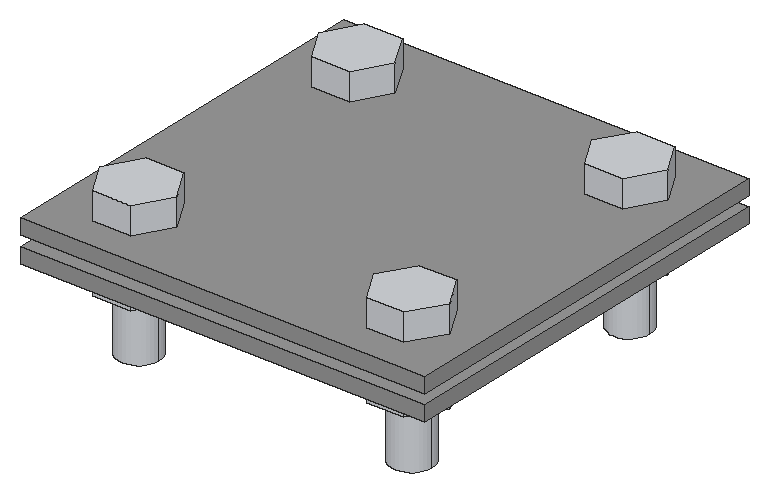
Revit family "DIN-Kreuzverbinder für Flachleiter FT", category Generic Models, Revit 2015
Parameters (values of type "256 A-DIN 40 FT")
  Width 2 = 19.5 mm
  Width 1 = 27 mm
  Width = 80 mm
  URL = "http://www.obo-bettermann.com"
  Material = Steel, Galvanized
  Manufacturer Art.No. = "5314666\r\n\r\n5314666\r\n5314666"
  Manufacturer = "OBO Bettermann"
  Length 2 = 20.5 mm
  Length 1 = 27 mm
  Length = 80 mm
  Height 1 = 2 mm
  Height = 3 mm
  GTIN = "4012195419532"
  Article Type = "256 A-DIN 40 FT\r\n\r\n256 A-DIN 40 FT\r\n256 A-DIN 40 FT"
Types (3, lengths in mm): name | Width 2 | Width 1 | Width | Manufacturer Art.No. | Length 2 | Length 1 | Length | GTIN | Article Type
  (no name) | 19.5 | 27 | 80 | "5314666\r\n\r\n5314666\r\n5314666" | 20.5 | 27 | 80 | "4012195419532" | "256 A-DIN 40 FT\r\n\r\n256 A-DIN 40 FT\r\n256 A-DIN 40 FT"
  256 A-DIN 30 FT | 12.5 | 20 | 60 | "5314658" | 13.5 | 20 | 60 | "4012195419471" | "256 A-DIN 30 FT"
  256 A-DIN 40 FT | 19.5 | 27 | 80 | "5314666\r\n\r\n5314666\r\n5314666" | 20.5 | 27 | 80 | "4012195419532" | "256 A-DIN 40 FT\r\n\r\n256 A-DIN 40 FT\r\n256 A-DIN 40 FT"
Reference planes
  plane 1 "Center (Front/Back)": y = 0
  plane 2: z = 0
  plane 3 "Center (Left/Right)": x = 0
  plane 4: z = 1
  plane 5: z = -1
  plane 6: z = 4
  plane 7: z = -4
  plane 8: z = -21
  plane 9: z = 9.3
  plane 10: z = -9.3
Forms (mm)
  Extrusion 1, solid, material "Steel, Galvanized" <- "Material"
    sketch origin (0, 0, 0) x (1, 0, 0) y (0, 1, 0)
      loop
        line (-40, 40) -> (-40, -40) -> (40, -40) -> (40, 40) -> (-40, 40)
    from 1 to 4
  Extrusion 2, solid, material "Steel, Galvanized" <- "Material"
    sketch origin (0, 0, 0) x (1, 0, 0) y (0, 1, 0)
      loop
        line (-40, 40) -> (-40, -40) -> (40, -40) -> (40, 40) -> (-40, 40)
    from -4 to -1
  Extrusion 3, solid
    sketch origin (0, 0, 0) x (1, 0, 0) y (0, 1, 0)
      loop
        circle (-27, -27) r 4
      loop
        circle (27, -27) r 4
      loop
        circle (27, 27) r 4
      loop
        circle (-27, 27) r 4
    from -21 to 4
  Extrusion 4, solid
    sketch origin (0, 0, 0) x (1, 0, 0) y (0, 1, 0)
      loop
        line (-23.279, 20.5) -> (-19.5, 27.045) -> (-23.279, 33.59) -> (-30.837, 33.59) -> (-34.615, 27.045) -> (-30.837, 20.5) -> (-23.279, 20.5)
    from 4 to 9.3
  Extrusion 5, solid
    sketch origin (0, 0, 0) x (1, 0, 0) y (0, 1, 0)
      loop
        line (30.75, 20.5) -> (34.5, 26.995) -> (30.75, 33.49) -> (23.25, 33.49) -> (19.5, 26.995) -> (23.25, 20.5) -> (30.75, 20.5)
    from 4 to 9.3
  Extrusion 6, solid
    sketch origin (0, 0, 0) x (1, 0, 0) y (0, 1, 0)
      loop
        line (-30.82, -20.5) -> (-34.594, -27.036) -> (-30.82, -33.571) -> (-23.273, -33.571) -> (-19.5, -27.036) -> (-23.273, -20.5) -> (-30.82, -20.5)
    from 4 to 9.3
  Extrusion 7, solid
    sketch origin (0, 0, 0) x (1, 0, 0) y (0, 1, 0)
      loop
        line (23.239, -20.5) -> (19.5, -26.976) -> (23.239, -33.452) -> (30.717, -33.452) -> (34.456, -26.976) -> (30.717, -20.5) -> (23.239, -20.5)
    from 4 to 9.3
  Extrusion 8, solid
    sketch origin (0, 0, 0) x (1, 0, 0) y (0, 1, 0)
      loop
        line (-23.279, 33.59) -> (-30.837, 33.59) -> (-34.615, 27.045) -> (-30.837, 20.5) -> (-23.279, 20.5) -> (-19.5, 27.045) -> (-23.279, 33.59)
      loop
        line (30.75, 33.49) -> (23.25, 33.49) -> (19.5, 26.995) -> (23.25, 20.5) -> (30.75, 20.5) -> (34.5, 26.995) -> (30.75, 33.49)
      loop
        line (30.717, -20.5) -> (23.239, -20.5) -> (19.5, -26.976) -> (23.239, -33.452) -> (30.717, -33.452) -> (34.456, -26.976) -> (30.717, -20.5)
      loop
        line (-23.273, -20.5) -> (-30.82, -20.5) -> (-34.594, -27.036) -> (-30.82, -33.571) -> (-23.273, -33.571) -> (-19.5, -27.036) -> (-23.273, -20.5)
    from -9.3 to -4
Dimensions and locks
  "Width": Extrusion 1 sketch curve to Extrusion 1 sketch curve
  "Length": Extrusion 1 sketch curve to Extrusion 1 sketch curve
  equal spacing: Extrusion 1 sketch curve, plane 3 "Center (Left/Right)", Extrusion 1 sketch curve
  equal spacing: Extrusion 1 sketch curve, plane 1 "Center (Front/Back)", Extrusion 1 sketch curve
  "Height 1": plane 4 to plane 5
  locked: plane 4 to level at 1
  "Height": plane 6 to plane 4
  "Height": plane 5 to plane 7
  plane 3 "Center (Left/Right)" to Extrusion 2 = 40 mm
  "Width 1": plane 3 "Center (Left/Right)" to Extrusion 3 sketch curve  (x2)
  "Length 1": Extrusion 3 sketch curve to plane 1 "Center (Front/Back)"  (x2)
  "Width 1": Extrusion 3 sketch curve to plane 3 "Center (Left/Right)"  (x2)
  "Length 1": plane 1 "Center (Front/Back)" to Extrusion 3 sketch curve  (x2)
  locked: plane 7 to plane 8 at 17
  locked: Extrusion 4 sketch curve to Extrusion 4 sketch curve at 13.09  (x3)
  "Length 2": plane 1 "Center (Front/Back)" to Extrusion 4 sketch curve
  "Width 2": Extrusion 4 sketch curve to plane 3 "Center (Left/Right)"
  locked: Extrusion 5 sketch curve to Extrusion 5 sketch curve at 12.99  (x3)
  "Length 2": plane 1 "Center (Front/Back)" to Extrusion 5 sketch curve
  "Width 2": plane 3 "Center (Left/Right)" to Extrusion 5 sketch curve
  locked: Extrusion 6 sketch curve to Extrusion 6 sketch curve at 13.071  (x3)
  "Length 2": Extrusion 6 sketch curve to plane 1 "Center (Front/Back)"
  "Width 2": Extrusion 6 sketch curve to plane 3 "Center (Left/Right)"
  locked: Extrusion 7 sketch curve to Extrusion 7 sketch curve at 12.952  (x3)
  "Length 2": Extrusion 7 sketch curve to plane 1 "Center (Front/Back)"
  "Width 2": plane 3 "Center (Left/Right)" to Extrusion 7 sketch curve
  locked: plane 9 to plane 6 at 5.3
  locked: plane 7 to plane 10 at 5.3
  radius of Extrusion 3 sketch curve = 4 mm  (x4)
  angle Extrusion 4 sketch curve to Extrusion 4 sketch curve = 120.00°  (x6)
  angle Extrusion 5 sketch curve to Extrusion 5 sketch curve = 120.00°  (x5)
  angle Extrusion 6 sketch curve to Extrusion 6 sketch curve = 120.00°  (x6)
  angle Extrusion 7 sketch curve to Extrusion 7 sketch curve = 120.00°  (x5)
  angle Extrusion 7 sketch curve to Extrusion 7 sketch curve = 60.00°
  aligned and locked: level to plane 2
  aligned and locked: Extrusion 1 to plane 4
  aligned and locked: plane 6 to Extrusion 1
  aligned and locked: Extrusion 2 sketch curve to Extrusion 1  (x4)
  aligned and locked: Extrusion 2 to plane 7
  aligned and locked: plane 5 to Extrusion 2
  aligned and locked: Extrusion 3 to plane 8
  aligned and locked: Extrusion 1 to Extrusion 3
  aligned and locked: Extrusion 7 to Extrusion 1
  aligned and locked: Extrusion 7 to plane 9
  aligned and locked: Extrusion 5 to Extrusion 7
  aligned and locked: Extrusion 5 to Extrusion 1
  aligned and locked: Extrusion 6 to Extrusion 1
  aligned and locked: Extrusion 5 to Extrusion 6
  aligned and locked: Extrusion 4 to Extrusion 1
  aligned and locked: Extrusion 5 to Extrusion 4
  aligned and locked: Extrusion 8 sketch curve to Extrusion 4  (x6)
  aligned and locked: Extrusion 8 sketch curve to Extrusion 5  (x6)
  aligned and locked: Extrusion 8 sketch curve to Extrusion 7  (x6)
  aligned and locked: Extrusion 8 sketch curve to Extrusion 6  (x6)
  aligned and locked: Extrusion 8 to plane 10
  aligned and locked: Extrusion 8 to Extrusion 2
Automatic sketch dimensions
  Extrusion 4 sketch curve to Extrusion 4 sketch curve = 3.779 mm
  Extrusion 5 sketch curve to Extrusion 5 sketch curve = 3.75 mm
  Extrusion 6 sketch curve to Extrusion 6 sketch curve = 3.773 mm
  Extrusion 7 sketch curve to Extrusion 7 sketch curve = 3.739 mm
